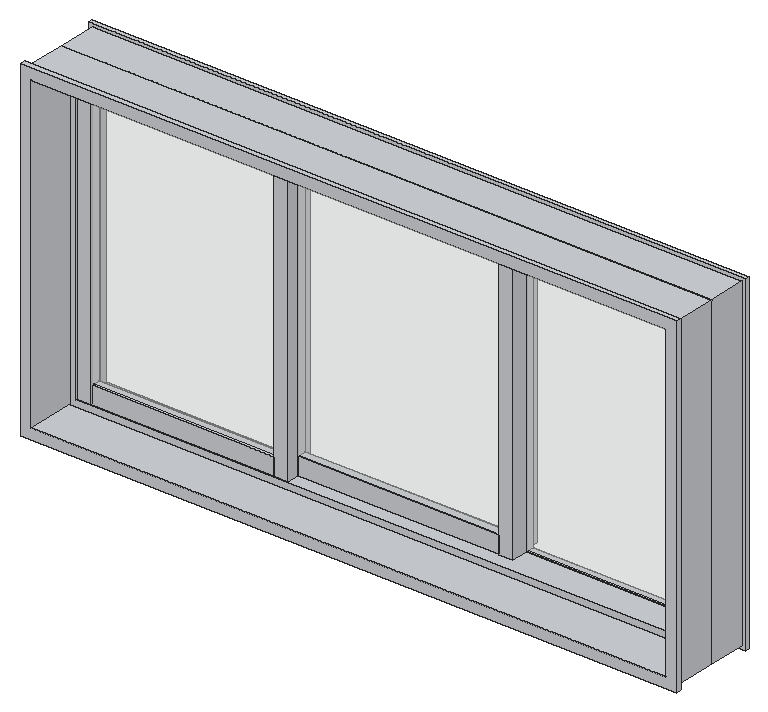
Revit family "APL Residential Thermal Heart Sliding Window SSF", category Windows, host Wall, Revit 2017 (continued)
Definition of nested family "APL Residential Thermal Heart Sliding Window SSF Horizontal Section"
  Definition of nested family "Jamb Multislider Fixed"
    Definition of nested family "65410_Frame"
      Lines and regions (mm)
        model lines, in view "Ref. Level"
          curve 767: line (157.9, -24, 0) -> (157.5, -24, 0)
          curve 768: line (156, -22.5, 0) -> (156, -19, 0)
          curve 769: line (155.8, -18.8, 0) -> (146.5, -18.8, 0)
          curve 770: line (146, -18.3, 0) -> (146, -17.8, 0)
          curve 771: line (146.5, -17.3, 0) -> (147.927, -17.3, 0)
          curve 772: line (146.048, -11.9, 0) -> (137.556, -11.9, 0)
          curve 773: line (135.2, -13.4, 0) -> (133.9, -13.4, 0)
          curve 774: line (132.9, -14.4, 0) -> (132.9, -23.5, 0)
          curve 775: line (132.4, -24, 0) -> (130.083, -24, 0)
          curve 776: line (129.313, -24.268, 0) -> (127.903, -24.782, 0)
          curve 777: line (127.501, -24.474, 0) -> (127.708, -22.108, 0)
          curve 778: line (127.795, -21.922, 0) -> (128.159, -21.559, 0)
          curve 779: line (128.493, -21.648, 0) -> (128.538, -21.816, 0)
          curve 780: line (128.538, -21.816, 0) -> (130.668, -22.49, 0)
          curve 781: line (130.668, -22.49, 0) -> (130.9, -22.5, 0)
          curve 782: line (131, -21.753, 0) -> (131, -18.525, 0)
          curve 783: line (131, -18.525, 0) -> (131.194, -17.75, 0)
          curve 784: line (131, -17.5, 0) -> (130.479, -17.5, 0)
          curve 785: line (130.479, -17.5, 0) -> (129.069, -18.309, 0)
          curve 786: line (128.5, -18.45, 0) -> (128.5, -16.874, 0)
          curve 787: line (128.5, -15.126, 0) -> (128.5, -13.55, 0)
          curve 788: line (129.069, -13.691, 0) -> (130.323, -14.456, 0)
          curve 789: line (130.323, -14.456, 0) -> (131, -14.5, 0)
          curve 790: line (131.194, -14.25, 0) -> (131, -13.5, 0)
          curve 791: line (131.006, -13.525, 0) -> (131, -10.247, 0)
          curve 792: line (130.746, -9.5, 0) -> (128.679, -10.043, 0)
          curve 793: line (128.679, -10.043, 0) -> (128.493, -10.352, 0)
          curve 794: line (128.159, -10.441, 0) -> (127.795, -10.078, 0)
          curve 795: line (127.708, -9.892, 0) -> (127.501, -7.526, 0)
          curve 796: line (127.903, -7.218, 0) -> (129.313, -7.732, 0)
          curve 797: line (130.083, -8, 0) -> (132.7, -8, 0)
          curve 798: line (132.9, -8.2, 0) -> (132.9, -11.3, 0)
          curve 799: line (133.1, -11.5, 0) -> (135.2, -11.5, 0)
          curve 800: line (135.4, -11.3, 0) -> (135.4, -10.2, 0)
          curve 801: line (135.6, -10, 0) -> (141.4, -10, 0)
          curve 802: line (141.4, -10, 0) -> (141.8, -10.4, 0)
          curve 803: line (141.8, -10.4, 0) -> (142.2, -10, 0)
          curve 804: line (142.2, -10, 0) -> (147.9, -10, 0)
          curve 805: line (148.1, -10.2, 0) -> (148.1, -11.1, 0)
          curve 806: line (148.3, -11.3, 0) -> (155.1, -11.3, 0)
          curve 807: line (155.6, -10.8, 0) -> (155.6, -9.5, 0)
          curve 808: line (155.4, -9.3, 0) -> (153.3, -9.3, 0)
          curve 809: line (153.1, -9.1, 0) -> (153.1, -8.2, 0)
          curve 810: line (153.3, -8, 0) -> (155.5, -8, 0)
          curve 811: line (156, -7.5, 0) -> (156, -1.2, 0)
          curve 812: line (156.5, -0.7, 0) -> (157.3, -0.7, 0)
          curve 813: line (157.5, -0.9, 0) -> (157.5, -1.7, 0)
          curve 814: line (157.5, -1.7, 0) -> (159.3, -1.7, 0)
          curve 815: line (159.5, -1.5, 0) -> (159.5, 3.4, 0)
          curve 816: line (159.5, 4.2, 0) -> (159.5, 9.1, 0)
          curve 817: line (159.3, 9.3, 0) -> (157.5, 9.3, 0)
          curve 818: line (157.5, 9.3, 0) -> (157.5, 8.7, 0)
          curve 819: line (156.5, 8.8, 0) -> (156.5, 11.35, 0)
          curve 820: line (157.5, 11.35, 0) -> (157.5, 10.5, 0)
          curve 821: line (157.7, 10.3, 0) -> (159.3, 10.3, 0)
          curve 822: line (159.5, 10.5, 0) -> (159.5, 11.704, 0)
          curve 823: arc (159.5, 11.704, 0) -> (159.473, 11.804, 0) -> (159.4, 11.877, 0) r 0.2
          curve 824: arc (116.2, -13.6, 0) -> (116.317, -13.883, 0) -> (116.6, -14, 0) r 0.4
          curve 825: arc (116.893, -14, 0) -> (116.996, -13.986, 0) -> (117.093, -13.946, 0) r 0.4
          curve 826: arc (118.621, -13.061, 0) -> (118.911, -12.941, 0) -> (119.222, -12.9, 0) r 1.2
          curve 827: arc (120.145, -12.9, 0) -> (120.718, -12.719, 0) -> (121.084, -12.242, 0) r 1
          curve 828: arc (121.877, -10.063, 0) -> (122.024, -9.872, 0) -> (122.253, -9.8, 0) r 0.4
          curve 829: arc (124.947, -9.8, 0) -> (125.176, -9.872, 0) -> (125.323, -10.063, 0) r 0.4
          curve 830: arc (126.116, -12.242, 0) -> (126.482, -12.719, 0) -> (127.055, -12.9, 0) r 1
          curve 831: arc (127.978, -12.9, 0) -> (128.289, -12.941, 0) -> (128.579, -13.061, 0) r 1.2
          curve 832: arc (130.107, -13.946, 0) -> (130.204, -13.986, 0) -> (130.307, -14, 0) r 0.4
          curve 833: arc (130.6, -14, 0) -> (130.883, -13.883, 0) -> (131, -13.6, 0) r 0.4
          curve 834: arc (131, -10.2, 0) -> (130.883, -9.917, 0) -> (130.6, -9.8, 0) r 0.4
          curve 835: arc (130.307, -9.8, 0) -> (130.204, -9.814, 0) -> (130.107, -9.854, 0) r 0.4
          curve 836: arc (128.579, -10.739, 0) -> (128.285, -10.86, 0) -> (127.97, -10.9, 0) r 1.2
          curve 837: arc (127.97, -10.9, 0) -> (127.795, -10.847, 0) -> (127.684, -10.703, 0) r 0.3
          curve 838: arc (126.796, -8.263, 0) -> (126.649, -8.072, 0) -> (126.42, -8, 0) r 0.4
          curve 839: arc (120.78, -8, 0) -> (120.551, -8.072, 0) -> (120.404, -8.263, 0) r 0.4
          curve 840: arc (119.516, -10.703, 0) -> (119.405, -10.847, 0) -> (119.23, -10.9, 0) r 0.3
          curve 841: arc (119.23, -10.9, 0) -> (118.915, -10.86, 0) -> (118.621, -10.739, 0) r 1.2
          curve 842: arc (117.093, -9.854, 0) -> (116.996, -9.814, 0) -> (116.893, -9.8, 0) r 0.4
          curve 843: arc (116.6, -9.8, 0) -> (116.317, -9.917, 0) -> (116.2, -10.2, 0) r 0.4
          curve 844: line (116.6, -14, 0) -> (116.893, -14, 0)
          curve 845: line (117.093, -13.946, 0) -> (118.621, -13.061, 0)
          curve 846: line (119.222, -12.9, 0) -> (120.145, -12.9, 0)
          curve 847: line (121.084, -12.242, 0) -> (121.877, -10.063, 0)
          curve 848: line (122.253, -9.8, 0) -> (124.947, -9.8, 0)
          curve 849: line (125.323, -10.063, 0) -> (126.116, -12.242, 0)
          curve 850: line (127.055, -12.9, 0) -> (127.978, -12.9, 0)
          curve 851: line (128.579, -13.061, 0) -> (130.107, -13.946, 0)
          curve 852: line (130.307, -14, 0) -> (130.6, -14, 0)
          curve 853: line (131, -13.6, 0) -> (131, -10.2, 0)
          curve 854: line (130.6, -9.8, 0) -> (130.307, -9.8, 0)
          curve 855: line (130.107, -9.854, 0) -> (128.579, -10.739, 0)
          curve 856: line (127.684, -10.703, 0) -> (126.796, -8.263, 0)
          curve 857: line (126.42, -8, 0) -> (120.78, -8, 0)
          curve 858: line (120.404, -8.263, 0) -> (119.516, -10.703, 0)
          curve 859: line (118.621, -10.739, 0) -> (117.093, -9.854, 0)
          curve 860: line (116.893, -9.8, 0) -> (116.6, -9.8, 0)
          curve 861: line (116.2, -10.2, 0) -> (116.2, -13.6, 0)
          curve 862: arc (116.2, -18.4, 0) -> (116.317, -18.117, 0) -> (116.6, -18, 0) r 0.4
          curve 863: arc (116.893, -18, 0) -> (116.996, -18.014, 0) -> (117.093, -18.054, 0) r 0.4
          curve 864: arc (118.621, -18.939, 0) -> (118.911, -19.059, 0) -> (119.222, -19.1, 0) r 1.2
          curve 865: arc (120.145, -19.1, 0) -> (120.718, -19.281, 0) -> (121.084, -19.758, 0) r 1
          curve 866: arc (121.877, -21.937, 0) -> (122.024, -22.128, 0) -> (122.253, -22.2, 0) r 0.4
          curve 867: arc (124.947, -22.2, 0) -> (125.176, -22.128, 0) -> (125.323, -21.937, 0) r 0.4
          curve 868: arc (126.116, -19.758, 0) -> (126.482, -19.281, 0) -> (127.055, -19.1, 0) r 1
          curve 869: arc (127.978, -19.1, 0) -> (128.289, -19.059, 0) -> (128.579, -18.939, 0) r 1.2
          curve 870: arc (130.107, -18.054, 0) -> (130.204, -18.014, 0) -> (130.307, -18, 0) r 0.4
          curve 871: arc (130.6, -18, 0) -> (130.883, -18.117, 0) -> (131, -18.4, 0) r 0.4
          curve 872: arc (131, -21.8, 0) -> (130.883, -22.083, 0) -> (130.6, -22.2, 0) r 0.4
          curve 873: arc (130.307, -22.2, 0) -> (130.204, -22.186, 0) -> (130.107, -22.146, 0) r 0.4
          curve 874: arc (128.579, -21.262, 0) -> (128.285, -21.14, 0) -> (127.97, -21.1, 0) r 1.2
          curve 875: arc (127.97, -21.1, 0) -> (127.795, -21.153, 0) -> (127.684, -21.297, 0) r 0.3
          curve 876: arc (126.796, -23.737, 0) -> (126.649, -23.928, 0) -> (126.42, -24, 0) r 0.4
          curve 877: arc (120.78, -24, 0) -> (120.551, -23.928, 0) -> (120.404, -23.737, 0) r 0.4
          curve 878: arc (119.516, -21.297, 0) -> (119.405, -21.153, 0) -> (119.23, -21.1, 0) r 0.3
          curve 879: arc (119.23, -21.1, 0) -> (118.915, -21.14, 0) -> (118.621, -21.262, 0) r 1.2
          curve 880: arc (117.093, -22.146, 0) -> (116.996, -22.186, 0) -> (116.893, -22.2, 0) r 0.4
          curve 881: arc (116.6, -22.2, 0) -> (116.317, -22.083, 0) -> (116.2, -21.8, 0) r 0.4
          curve 882: line (116.6, -18, 0) -> (116.893, -18, 0)
          curve 883: line (117.093, -18.054, 0) -> (118.621, -18.939, 0)
          curve 884: line (119.222, -19.1, 0) -> (120.145, -19.1, 0)
          curve 885: line (121.084, -19.758, 0) -> (121.877, -21.937, 0)
          curve 886: line (122.253, -22.2, 0) -> (124.947, -22.2, 0)
          curve 887: line (125.323, -21.937, 0) -> (126.116, -19.758, 0)
          curve 888: line (127.055, -19.1, 0) -> (127.978, -19.1, 0)
          curve 889: line (128.579, -18.939, 0) -> (130.107, -18.054, 0)
          curve 890: line (130.307, -18, 0) -> (130.6, -18, 0)
          curve 891: line (131, -18.4, 0) -> (131, -21.8, 0)
          curve 892: line (130.6, -22.2, 0) -> (130.307, -22.2, 0)
          curve 893: line (130.107, -22.146, 0) -> (128.579, -21.262, 0)
          curve 894: line (127.684, -21.297, 0) -> (126.796, -23.737, 0)
          curve 895: line (126.42, -24, 0) -> (120.78, -24, 0)
          curve 896: line (120.404, -23.737, 0) -> (119.516, -21.297, 0)
          curve 897: line (118.621, -21.262, 0) -> (117.093, -22.146, 0)
          curve 898: line (116.893, -22.2, 0) -> (116.6, -22.2, 0)
          curve 899: line (116.2, -21.8, 0) -> (116.2, -18.4, 0)
      Text (mm)
        text "65410" at (71.918, 37.65, 0), in view "Ref. Level"
Types (2, lengths in mm): name | Rough Height | Reveal Liner | Liner Sill | Liner | Height | Architrave
  Liner | 1215 | yes | yes | 100.6 | 1200 | no
  Architrave | 1213 | no | no | 61 | 1198 | yes
